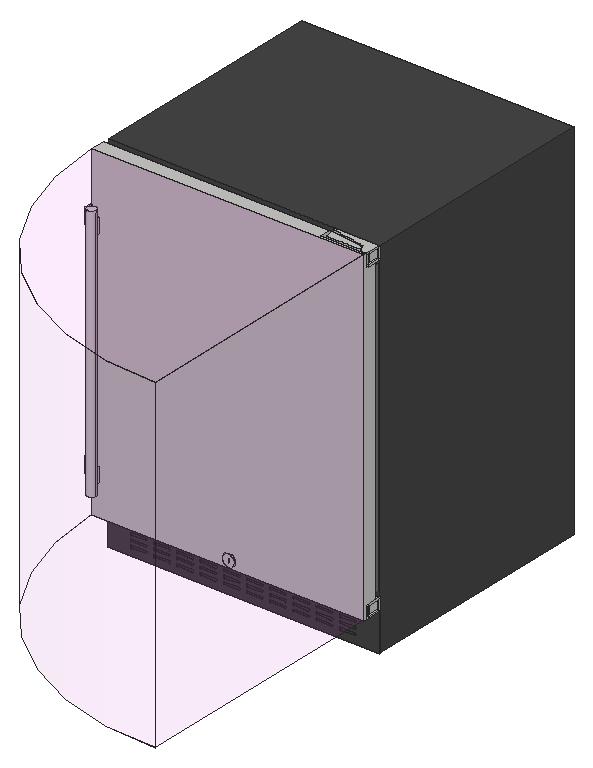
Revit family "QF_Summit_AL54_ADA_Compliant_All_Refrigerator", category Specialty Equipment, Revit 2020
Family settings
  Round Connector Dimension = Use Diameter
  Part Type = Normal
  Work Plane-Based = No
  Always vertical = Yes
  Cut with Voids When Loaded = No
  Shared = No
  Room Calculation Point = No
Parameters
  Weight in Pounds = 95
  Watts = if(Phase = 3, Volts * FL Amps * 1.73, Volts * FL Amps)  # 115 W
  Volts = 115 V
  Ventilation Remarks = ""
  URL Cutsheet = ""
  Specification by User = ""
  Specification by Manufacturer = ""
  Show LHD [instance] = no
  Show RHD [instance] = not(Show LHD)  # yes
  Serial Number = ""
  Seismic Rating = ""
  SMACNA No = ""
  Revision Code = ""
  Refrigerant Volume = 0.00 kip
  Refrigerant Type = "R600a"
  Phase = 1
  Number of Poles = 1
  NAFEM Spec ID Number = ""
  Model = "AL54"
  Min Ckt Ampacity = 0 A
  Max Overcurrent Protection = 0 A
  Masterspec = ""
  Manufacturer = "Summit"
  Length = 23 3/8"
  Item Number = ""
  Installed By = ""
  Identify Quantity as Lot = yes
  Height = 32"
  HP = ""
  Furnished By = ""
  Foodservice Equipment Identifier = yes
  FL Amps = 1 A
  Electrical Remarks = ""
  Electric Connection Type = ""
  Elec Conn RI Height = 0"
  Elec Conn Connection Height = 0"
  Description = "ADA Compliant All-Refrigerator"
  Depth = 22 5/8"
  Default Elevation = 0"
  Cycle = 60 Hz
  Conn Plug = ""
  Conn Conduit = yes
  CSI MasterFormat = ""
  Base Height [instance] = 1/2"
  BTUH = 0.0 Btu/h
  Apparent Power = if(Phase = 3, Volts * FL Amps * 1.73, Volts * FL Amps)  # 115 VA
Reference planes (in)
  plane 1 "BACK": y = 0
  plane 2: z = 0
  plane 3 "LEFT": x = 0
  plane 4 "RIGHT": x = 23.375
  plane 5 "FRONT": y = -22.625
  plane 6 "TOP": z = 32
  plane 7 "Center Y": x = 11.6875
  plane 8 "Center X": y = -11.3125
  plane 9 "Base Height": z = 0.5
  plane 10: y = -45
  plane 11: y = -20.875
  plane 12: z = 3.75
  plane 13: y = -24.625
Forms (in)
  Extrusion 1, solid, material "QF_Metal_Black"
    sketch origin (0, 0, 0.5) x (-1, 0, 0) y (0, -1, 0)
      loop
        line (0, 0) -> (0, 20.875) -> (-23.375, 20.875) -> (-23.375, 0) -> (0, 0)
    from 0 to 31.5
  Extrusion 2, solid, material "QF_Metal_Stainless_Polished", visible <- "Show RHD"
    sketch origin (23.375, -21.375, 0.5) x (-1, 0, 0) y (0, 0, -1)
      loop
        line (23.375, -31.5) -> (23.375, -3.25) -> (0, -3.25) -> (0, -31.5) -> (23.375, -31.5)
    from 0 to 1.25
  Extrusion 3, solid, material "QF_Metal_Black"
    sketch origin (23.375, -20.875, 0.5) x (-1, 0, 0) y (0, 0, -1)
      loop
        line (23.375, -3.25) -> (23.375, 0) -> (0, 0) -> (0, -3.25) -> (23.375, -3.25)
      loop
        arc (2.0625, -0.625) -> (1.9375, -0.75) -> (2.0625, -0.875) r 0.125
        line (2.0625, -0.875) -> (3.3125, -0.875)
        arc (3.3125, -0.875) -> (3.4375, -0.75) -> (3.3125, -0.625) r 0.125
        line (3.3125, -0.625) -> (2.0625, -0.625)
      loop
        arc (2.0625, -1.125) -> (1.9375, -1.25) -> (2.0625, -1.375) r 0.125
        line (2.0625, -1.375) -> (3.3125, -1.375)
        arc (3.3125, -1.375) -> (3.4375, -1.25) -> (3.3125, -1.125) r 0.125
        line (3.3125, -1.125) -> (2.0625, -1.125)
      loop
        arc (2.0625, -1.625) -> (1.9375, -1.75) -> (2.0625, -1.875) r 0.125
        line (2.0625, -1.875) -> (3.3125, -1.875)
        arc (3.3125, -1.875) -> (3.4375, -1.75) -> (3.3125, -1.625) r 0.125
        line (3.3125, -1.625) -> (2.0625, -1.625)
      loop
        arc (2.0625, -2.125) -> (1.9375, -2.25) -> (2.0625, -2.375) r 0.125
        line (2.0625, -2.375) -> (3.3125, -2.375)
        arc (3.3125, -2.375) -> (3.4375, -2.25) -> (3.3125, -2.125) r 0.125
        line (3.3125, -2.125) -> (2.0625, -2.125)
      loop
        arc (2.0625, -2.625) -> (1.9375, -2.75) -> (2.0625, -2.875) r 0.125
        line (2.0625, -2.875) -> (3.3125, -2.875)
        arc (3.3125, -2.875) -> (3.4375, -2.75) -> (3.3125, -2.625) r 0.125
        line (3.3125, -2.625) -> (2.0625, -2.625)
      loop
        arc (4.0625, -0.625) -> (3.9375, -0.75) -> (4.0625, -0.875) r 0.125
        line (4.0625, -0.875) -> (5.3125, -0.875)
        arc (5.3125, -0.875) -> (5.4375, -0.75) -> (5.3125, -0.625) r 0.125
        line (5.3125, -0.625) -> (4.0625, -0.625)
      loop
        arc (4.0625, -1.125) -> (3.9375, -1.25) -> (4.0625, -1.375) r 0.125
        line (4.0625, -1.375) -> (5.3125, -1.375)
        arc (5.3125, -1.375) -> (5.4375, -1.25) -> (5.3125, -1.125) r 0.125
        line (5.3125, -1.125) -> (4.0625, -1.125)
      loop
        arc (4.0625, -1.625) -> (3.9375, -1.75) -> (4.0625, -1.875) r 0.125
        line (4.0625, -1.875) -> (5.3125, -1.875)
        arc (5.3125, -1.875) -> (5.4375, -1.75) -> (5.3125, -1.625) r 0.125
        line (5.3125, -1.625) -> (4.0625, -1.625)
      loop
        arc (4.0625, -2.125) -> (3.9375, -2.25) -> (4.0625, -2.375) r 0.125
        line (4.0625, -2.375) -> (5.3125, -2.375)
        arc (5.3125, -2.375) -> (5.4375, -2.25) -> (5.3125, -2.125) r 0.125
        line (5.3125, -2.125) -> (4.0625, -2.125)
      loop
        arc (4.0625, -2.625) -> (3.9375, -2.75) -> (4.0625, -2.875) r 0.125
        line (4.0625, -2.875) -> (5.3125, -2.875)
        arc (5.3125, -2.875) -> (5.4375, -2.75) -> (5.3125, -2.625) r 0.125
        line (5.3125, -2.625) -> (4.0625, -2.625)
      loop
        arc (6.0625, -0.625) -> (5.9375, -0.75) -> (6.0625, -0.875) r 0.125
        line (6.0625, -0.875) -> (7.3125, -0.875)
        arc (7.3125, -0.875) -> (7.4375, -0.75) -> (7.3125, -0.625) r 0.125
        line (7.3125, -0.625) -> (6.0625, -0.625)
      loop
        arc (6.0625, -1.125) -> (5.9375, -1.25) -> (6.0625, -1.375) r 0.125
        line (6.0625, -1.375) -> (7.3125, -1.375)
        arc (7.3125, -1.375) -> (7.4375, -1.25) -> (7.3125, -1.125) r 0.125
        line (7.3125, -1.125) -> (6.0625, -1.125)
      loop
        arc (6.0625, -1.625) -> (5.9375, -1.75) -> (6.0625, -1.875) r 0.125
        line (6.0625, -1.875) -> (7.3125, -1.875)
        arc (7.3125, -1.875) -> (7.4375, -1.75) -> (7.3125, -1.625) r 0.125
        line (7.3125, -1.625) -> (6.0625, -1.625)
      loop
        arc (6.0625, -2.125) -> (5.9375, -2.25) -> (6.0625, -2.375) r 0.125
        line (6.0625, -2.375) -> (7.3125, -2.375)
        arc (7.3125, -2.375) -> (7.4375, -2.25) -> (7.3125, -2.125) r 0.125
        line (7.3125, -2.125) -> (6.0625, -2.125)
      loop
        arc (6.0625, -2.625) -> (5.9375, -2.75) -> (6.0625, -2.875) r 0.125
        line (6.0625, -2.875) -> (7.3125, -2.875)
        arc (7.3125, -2.875) -> (7.4375, -2.75) -> (7.3125, -2.625) r 0.125
        line (7.3125, -2.625) -> (6.0625, -2.625)
      loop
        arc (8.0625, -0.625) -> (7.9375, -0.75) -> (8.0625, -0.875) r 0.125
        line (8.0625, -0.875) -> (9.3125, -0.875)
        arc (9.3125, -0.875) -> (9.4375, -0.75) -> (9.3125, -0.625) r 0.125
        line (9.3125, -0.625) -> (8.0625, -0.625)
      loop
        arc (8.0625, -1.125) -> (7.9375, -1.25) -> (8.0625, -1.375) r 0.125
        line (8.0625, -1.375) -> (9.3125, -1.375)
        arc (9.3125, -1.375) -> (9.4375, -1.25) -> (9.3125, -1.125) r 0.125
        line (9.3125, -1.125) -> (8.0625, -1.125)
      loop
        arc (8.0625, -1.625) -> (7.9375, -1.75) -> (8.0625, -1.875) r 0.125
        line (8.0625, -1.875) -> (9.3125, -1.875)
        arc (9.3125, -1.875) -> (9.4375, -1.75) -> (9.3125, -1.625) r 0.125
        line (9.3125, -1.625) -> (8.0625, -1.625)
      loop
        arc (8.0625, -2.125) -> (7.9375, -2.25) -> (8.0625, -2.375) r 0.125
        line (8.0625, -2.375) -> (9.3125, -2.375)
        arc (9.3125, -2.375) -> (9.4375, -2.25) -> (9.3125, -2.125) r 0.125
        line (9.3125, -2.125) -> (8.0625, -2.125)
      loop
        arc (8.0625, -2.625) -> (7.9375, -2.75) -> (8.0625, -2.875) r 0.125
        line (8.0625, -2.875) -> (9.3125, -2.875)
        arc (9.3125, -2.875) -> (9.4375, -2.75) -> (9.3125, -2.625) r 0.125
        line (9.3125, -2.625) -> (8.0625, -2.625)
      loop
        arc (10.0625, -0.625) -> (9.9375, -0.75) -> (10.0625, -0.875) r 0.125
        line (10.0625, -0.875) -> (11.3125, -0.875)
        arc (11.3125, -0.875) -> (11.4375, -0.75) -> (11.3125, -0.625) r 0.125
        line (11.3125, -0.625) -> (10.0625, -0.625)
      loop
        arc (10.0625, -1.125) -> (9.9375, -1.25) -> (10.0625, -1.375) r 0.125
        line (10.0625, -1.375) -> (11.3125, -1.375)
        arc (11.3125, -1.375) -> (11.4375, -1.25) -> (11.3125, -1.125) r 0.125
        line (11.3125, -1.125) -> (10.0625, -1.125)
      loop
        arc (10.0625, -1.625) -> (9.9375, -1.75) -> (10.0625, -1.875) r 0.125
        line (10.0625, -1.875) -> (11.3125, -1.875)
        arc (11.3125, -1.875) -> (11.4375, -1.75) -> (11.3125, -1.625) r 0.125
        line (11.3125, -1.625) -> (10.0625, -1.625)
      loop
        arc (10.0625, -2.125) -> (9.9375, -2.25) -> (10.0625, -2.375) r 0.125
        line (10.0625, -2.375) -> (11.3125, -2.375)
        arc (11.3125, -2.375) -> (11.4375, -2.25) -> (11.3125, -2.125) r 0.125
        line (11.3125, -2.125) -> (10.0625, -2.125)
      loop
        arc (10.0625, -2.625) -> (9.9375, -2.75) -> (10.0625, -2.875) r 0.125
        line (10.0625, -2.875) -> (11.3125, -2.875)
        arc (11.3125, -2.875) -> (11.4375, -2.75) -> (11.3125, -2.625) r 0.125
        line (11.3125, -2.625) -> (10.0625, -2.625)
      loop
        arc (12.0625, -0.625) -> (11.9375, -0.75) -> (12.0625, -0.875) r 0.125
        line (12.0625, -0.875) -> (13.3125, -0.875)
        arc (13.3125, -0.875) -> (13.4375, -0.75) -> (13.3125, -0.625) r 0.125
        line (13.3125, -0.625) -> (12.0625, -0.625)
      loop
        arc (12.0625, -1.125) -> (11.9375, -1.25) -> (12.0625, -1.375) r 0.125
        line (12.0625, -1.375) -> (13.3125, -1.375)
        arc (13.3125, -1.375) -> (13.4375, -1.25) -> (13.3125, -1.125) r 0.125
        line (13.3125, -1.125) -> (12.0625, -1.125)
      loop
        arc (12.0625, -1.625) -> (11.9375, -1.75) -> (12.0625, -1.875) r 0.125
        line (12.0625, -1.875) -> (13.3125, -1.875)
        arc (13.3125, -1.875) -> (13.4375, -1.75) -> (13.3125, -1.625) r 0.125
        line (13.3125, -1.625) -> (12.0625, -1.625)
      loop
        arc (12.0625, -2.125) -> (11.9375, -2.25) -> (12.0625, -2.375) r 0.125
        line (12.0625, -2.375) -> (13.3125, -2.375)
        arc (13.3125, -2.375) -> (13.4375, -2.25) -> (13.3125, -2.125) r 0.125
        line (13.3125, -2.125) -> (12.0625, -2.125)
      loop
        arc (12.0625, -2.625) -> (11.9375, -2.75) -> (12.0625, -2.875) r 0.125
        line (12.0625, -2.875) -> (13.3125, -2.875)
        arc (13.3125, -2.875) -> (13.4375, -2.75) -> (13.3125, -2.625) r 0.125
        line (13.3125, -2.625) -> (12.0625, -2.625)
      loop
        arc (14.0625, -0.625) -> (13.9375, -0.75) -> (14.0625, -0.875) r 0.125
        line (14.0625, -0.875) -> (15.3125, -0.875)
        arc (15.3125, -0.875) -> (15.4375, -0.75) -> (15.3125, -0.625) r 0.125
        line (15.3125, -0.625) -> (14.0625, -0.625)
      loop
        arc (14.0625, -1.125) -> (13.9375, -1.25) -> (14.0625, -1.375) r 0.125
        line (14.0625, -1.375) -> (15.3125, -1.375)
        arc (15.3125, -1.375) -> (15.4375, -1.25) -> (15.3125, -1.125) r 0.125
        line (15.3125, -1.125) -> (14.0625, -1.125)
      loop
        arc (14.0625, -1.625) -> (13.9375, -1.75) -> (14.0625, -1.875) r 0.125
        line (14.0625, -1.875) -> (15.3125, -1.875)
        arc (15.3125, -1.875) -> (15.4375, -1.75) -> (15.3125, -1.625) r 0.125
        line (15.3125, -1.625) -> (14.0625, -1.625)
      loop
        arc (14.0625, -2.125) -> (13.9375, -2.25) -> (14.0625, -2.375) r 0.125
        line (14.0625, -2.375) -> (15.3125, -2.375)
        arc (15.3125, -2.375) -> (15.4375, -2.25) -> (15.3125, -2.125) r 0.125
        line (15.3125, -2.125) -> (14.0625, -2.125)
      loop
        arc (14.0625, -2.625) -> (13.9375, -2.75) -> (14.0625, -2.875) r 0.125
        line (14.0625, -2.875) -> (15.3125, -2.875)
        arc (15.3125, -2.875) -> (15.4375, -2.75) -> (15.3125, -2.625) r 0.125
        line (15.3125, -2.625) -> (14.0625, -2.625)
      loop
        arc (16.0625, -0.625) -> (15.9375, -0.75) -> (16.0625, -0.875) r 0.125
        line (16.0625, -0.875) -> (17.3125, -0.875)
        arc (17.3125, -0.875) -> (17.4375, -0.75) -> (17.3125, -0.625) r 0.125
        line (17.3125, -0.625) -> (16.0625, -0.625)
      loop
        arc (16.0625, -1.125) -> (15.9375, -1.25) -> (16.0625, -1.375) r 0.125
        line (16.0625, -1.375) -> (17.3125, -1.375)
        arc (17.3125, -1.375) -> (17.4375, -1.25) -> (17.3125, -1.125) r 0.125
        line (17.3125, -1.125) -> (16.0625, -1.125)
      loop
        arc (16.0625, -1.625) -> (15.9375, -1.75) -> (16.0625, -1.875) r 0.125
        line (16.0625, -1.875) -> (17.3125, -1.875)
        arc (17.3125, -1.875) -> (17.4375, -1.75) -> (17.3125, -1.625) r 0.125
        line (17.3125, -1.625) -> (16.0625, -1.625)
      loop
        arc (16.0625, -2.125) -> (15.9375, -2.25) -> (16.0625, -2.375) r 0.125
        line (16.0625, -2.375) -> (17.3125, -2.375)
        arc (17.3125, -2.375) -> (17.4375, -2.25) -> (17.3125, -2.125) r 0.125
        line (17.3125, -2.125) -> (16.0625, -2.125)
      loop
        arc (16.0625, -2.625) -> (15.9375, -2.75) -> (16.0625, -2.875) r 0.125
        line (16.0625, -2.875) -> (17.3125, -2.875)
        arc (17.3125, -2.875) -> (17.4375, -2.75) -> (17.3125, -2.625) r 0.125
        line (17.3125, -2.625) -> (16.0625, -2.625)
      loop
        arc (18.0625, -0.625) -> (17.9375, -0.75) -> (18.0625, -0.875) r 0.125
        line (18.0625, -0.875) -> (19.3125, -0.875)
        arc (19.3125, -0.875) -> (19.4375, -0.75) -> (19.3125, -0.625) r 0.125
        line (19.3125, -0.625) -> (18.0625, -0.625)
      loop
        arc (18.0625, -1.125) -> (17.9375, -1.25) -> (18.0625, -1.375) r 0.125
        line (18.0625, -1.375) -> (19.3125, -1.375)
        arc (19.3125, -1.375) -> (19.4375, -1.25) -> (19.3125, -1.125) r 0.125
        line (19.3125, -1.125) -> (18.0625, -1.125)
      loop
        arc (18.0625, -1.625) -> (17.9375, -1.75) -> (18.0625, -1.875) r 0.125
        line (18.0625, -1.875) -> (19.3125, -1.875)
        arc (19.3125, -1.875) -> (19.4375, -1.75) -> (19.3125, -1.625) r 0.125
        line (19.3125, -1.625) -> (18.0625, -1.625)
      loop
        arc (18.0625, -2.125) -> (17.9375, -2.25) -> (18.0625, -2.375) r 0.125
        line (18.0625, -2.375) -> (19.3125, -2.375)
        arc (19.3125, -2.375) -> (19.4375, -2.25) -> (19.3125, -2.125) r 0.125
        line (19.3125, -2.125) -> (18.0625, -2.125)
      loop
        arc (18.0625, -2.625) -> (17.9375, -2.75) -> (18.0625, -2.875) r 0.125
        line (18.0625, -2.875) -> (19.3125, -2.875)
        arc (19.3125, -2.875) -> (19.4375, -2.75) -> (19.3125, -2.625) r 0.125
        line (19.3125, -2.625) -> (18.0625, -2.625)
      loop
        arc (20.0625, -0.625) -> (19.9375, -0.75) -> (20.0625, -0.875) r 0.125
        line (20.0625, -0.875) -> (21.3125, -0.875)
        arc (21.3125, -0.875) -> (21.4375, -0.75) -> (21.3125, -0.625) r 0.125
        line (21.3125, -0.625) -> (20.0625, -0.625)
      loop
        arc (20.0625, -1.125) -> (19.9375, -1.25) -> (20.0625, -1.375) r 0.125
        line (20.0625, -1.375) -> (21.3125, -1.375)
        arc (21.3125, -1.375) -> (21.4375, -1.25) -> (21.3125, -1.125) r 0.125
        line (21.3125, -1.125) -> (20.0625, -1.125)
      loop
        arc (20.0625, -1.625) -> (19.9375, -1.75) -> (20.0625, -1.875) r 0.125
        line (20.0625, -1.875) -> (21.3125, -1.875)
        arc (21.3125, -1.875) -> (21.4375, -1.75) -> (21.3125, -1.625) r 0.125
        line (21.3125, -1.625) -> (20.0625, -1.625)
      loop
        arc (20.0625, -2.125) -> (19.9375, -2.25) -> (20.0625, -2.375) r 0.125
        line (20.0625, -2.375) -> (21.3125, -2.375)
        arc (21.3125, -2.375) -> (21.4375, -2.25) -> (21.3125, -2.125) r 0.125
        line (21.3125, -2.125) -> (20.0625, -2.125)
      loop
        arc (20.0625, -2.625) -> (19.9375, -2.75) -> (20.0625, -2.875) r 0.125
        line (20.0625, -2.875) -> (21.3125, -2.875)
        arc (21.3125, -2.875) -> (21.4375, -2.75) -> (21.3125, -2.625) r 0.125
        line (21.3125, -2.625) -> (20.0625, -2.625)
    from -0.0625 to 0.03516
  Extrusion 4, solid, material "QF_Rubber - Black - Smooth"
    sketch origin (23.375, -20.875, 0.5) x (-1, 0, 0) y (0, 0, -1)
      loop
        line (23.25, -30) -> (23.25, -4.75) -> (0.125, -4.75) -> (0.125, -30) -> (23.25, -30)
    from 0 to 0.5
  Extrusion 5, solid, material "QF_Metal - Stainless - Polished", visible <- "Show RHD"
    sketch origin (0, 0, 32) x (-1, 0, 0) y (0, -1, 0)
      loop
        line (-19.5, 20.875) -> (-19.5, 20.97247)
        arc (-19.5, 20.97247) -> (-19.53723, 21.0734) -> (-19.63109, 21.12597) r 0.1554
        line (-19.63109, 21.12597) -> (-22.1852, 21.5305)
        arc (-22.1852, 21.5305) -> (-22.55868, 21.69874) -> (-22.7951, 22.03326) r 0.77867
        line (-22.7951, 22.03326) -> (-22.8529, 22.19206)
        arc (-22.8529, 22.19206) -> (-23.15257, 22.36508) -> (-23.375, 22.1) r 0.26917
        line (-23.375, 22.1) -> (-23.375, 20.875) -> (-19.5, 20.875)
    from 0 to -0.125
  Extrusion 6, solid, material "QF_Rubber - Black - Smooth"
    sketch origin (0, 0, 0.5) x (1, 0, 0) y (0, 0, -1)
      loop
        circle (20.5, -1.80244) r 0.25
    from 0 to 0.0625
  Extrusion 7, solid, material "QF_Metal - Stainless - Polished", visible <- "Show RHD"
    sketch origin (0, -5, 0.5) x (-1, 0, 0) y (0, -1, 0)
      loop
        circle (-1.25, 19.25) r 0.375
    from 6 to 28
  Revolve 8, solid, material "QF_Metal_Black"
    sketch origin (0.26439, -1.4375, 0) x (1, 0, 0) y (0, 0, 1)
      loop
        line (21.67311, 0.5) -> (21.48561, 0.5) -> (21.48561, 0.375) -> (21.08978, 0.375) -> (21.08978, 0.3125) -> (21.17311, 0) -> (21.67311, 0) -> (21.67311, 0.5)
      axis (21.67311, 0) -> (21.67311, 0.5)
    angle from 0 to 360
  Revolve 9, solid, material "QF_Metal_Black"
    sketch origin (0, -19.1875, 0) x (1, 0, 0) y (0, 0, 1)
      loop
        line (21.9375, 0.5) -> (21.75, 0.5) -> (21.75, 0.375) -> (21.35417, 0.375) -> (21.35417, 0.3125) -> (21.4375, 0) -> (21.9375, 0) -> (21.9375, 0.5)
      axis (21.9375, 0) -> (21.9375, 0.5)
    angle from 0 to 360
  Revolve 10, solid, material "QF_Metal_Black"
    sketch origin (-20.23561, -1.4375, 0) x (1, 0, 0) y (0, 0, 1)
      loop
        line (21.67311, 0.5) -> (21.48561, 0.5) -> (21.48561, 0.375) -> (21.08978, 0.375) -> (21.08978, 0.3125) -> (21.17311, 0) -> (21.67311, 0) -> (21.67311, 0.5)
      axis (21.67311, 0) -> (21.67311, 0.5)
    angle from 0 to 360
  Revolve 11, solid, material "QF_Metal_Black"
    sketch origin (-20.5, -19.1875, 0) x (1, 0, 0) y (0, 0, 1)
      loop
        line (21.9375, 0.5) -> (21.75, 0.5) -> (21.75, 0.375) -> (21.35417, 0.375) -> (21.35417, 0.3125) -> (21.4375, 0) -> (21.9375, 0) -> (21.9375, 0.5)
      axis (21.9375, 0) -> (21.9375, 0.5)
    angle from 0 to 360
  Extrusion 12, void
    sketch origin (0, -21.375, 32) x (1, 0, 0) y (0, 1, 0)
      loop
        line (19.5001, 0.13878) -> (19.5001, -1) -> (23.49441, -1) -> (23.49441, 0.13878) -> (19.5001, 0.13878)
    from -1.10777 to 1
  Extrusion 13, solid, material "QF_Metal - Stainless - Polished", visible <- "Show RHD"
    sketch origin (0, -0.125, 0.5) x (-1, 0, 0) y (0, -1, 0)
      loop
        arc (-0.96185, 23.88501) -> (-1.22254, 23.75101) -> (-1.5, 23.84549) r 0.375
        line (-1.5, 23.84549) -> (-1.5, 23.69199)
        arc (-1.5, 23.69199) -> (-1.37941, 23.64204) -> (-1.25, 23.625) r 0.5
        arc (-1.25, 23.625) -> (-1.12181, 23.64171) -> (-1.00219, 23.69073) r 0.5
        arc (-1.00219, 23.69073) -> (-0.94801, 23.70377) -> (-0.89527, 23.68579) r 0.1
        line (-0.89527, 23.68579) -> (-0.04264, 23.08878)
        arc (-0.04264, 23.08878) -> (-0.0113, 23.05304) -> (0, 23.00686) r 0.1
        line (0, 23.00686) -> (0, 22.00686) -> (0.125, 22.00686) -> (0.125, 23.07193)
        arc (0.125, 23.07193) -> (0.1137, 23.11811) -> (0.08236, 23.15385) r 0.1
        line (0.08236, 23.15385) -> (-0.96185, 23.88501)
    from 26 to 27.25
  Extrusion 14, solid, material "QF_Metal - Stainless - Polished", visible <- "Show RHD"
    sketch origin (0, -0.125, 0.5) x (-1, 0, 0) y (0, -1, 0)
      loop
        line (-0.89527, 23.68579) -> (-0.04264, 23.08878)
        arc (-0.04264, 23.08878) -> (-0.0113, 23.05304) -> (0, 23.00686) r 0.1
        line (0, 23.00686) -> (0, 22.00686) -> (0.125, 22.00686) -> (0.125, 23.07193)
        arc (0.125, 23.07193) -> (0.1137, 23.11811) -> (0.08236, 23.15385) r 0.1
        line (0.08236, 23.15385) -> (-0.96185, 23.88501)
        arc (-0.96185, 23.88501) -> (-1.22254, 23.75101) -> (-1.5, 23.84549) r 0.375
        line (-1.5, 23.84549) -> (-1.5, 23.69199)
        arc (-1.5, 23.69199) -> (-1.37941, 23.64204) -> (-1.25, 23.625) r 0.5
        arc (-1.25, 23.625) -> (-1.12181, 23.64171) -> (-1.00219, 23.69073) r 0.5
        arc (-1.00219, 23.69073) -> (-0.94801, 23.70377) -> (-0.89527, 23.68579) r 0.1
    from 6.75 to 8
  Extrusion 15, void
    sketch origin (23.375, -21.375, 3.75) x (0, 1, 0) y (1, 0, 0)
      loop
        line (-1, -3.8749) -> (0.3125, -3.8749) -> (0.3125, 0.3125) -> (-1, 0.3125) -> (-1, -3.8749)
    from -1.10777 to 0.18851
  Extrusion 16, solid, material "QF_Metal - Stainless - Polished", visible <- "Show RHD"
    sketch origin (0, 0, 30.89223) x (0, 1, 0) y (1, 0, 0)
      loop
        line (-20.875, 19.5) -> (-20.875, 23.375) -> (-22.1, 23.375)
        arc (-22.1, 23.375) -> (-22.36508, 23.15257) -> (-22.19206, 22.8529) r 0.26917
        line (-22.19206, 22.8529) -> (-22.03326, 22.7951)
        arc (-22.03326, 22.7951) -> (-21.69874, 22.55868) -> (-21.5305, 22.1852) r 0.77867
        line (-21.5305, 22.1852) -> (-21.12597, 19.63109)
        arc (-21.12597, 19.63109) -> (-21.0734, 19.53723) -> (-20.97247, 19.5) r 0.1554
        line (-20.97247, 19.5) -> (-20.875, 19.5)
    from 0 to -0.125
  Extrusion 17, solid, material "QF_Metal - Stainless - Polished", visible <- "Show RHD"
    sketch origin (0, 0, 31.875) x (0, -1, 0) y (-1, 0, 0)
      loop
        circle (22.08002, -23.10965) r 0.18618
    from 0 to 0.85777
  Extrusion 18, solid, material "QF_Metal - Stainless - Polished", visible <- "Show RHD"
    sketch origin (19.5, -20.875, 32) x (1, 0, 0) y (0, 0, -1)
      loop
        line (3.875, 0.98277) -> (0, 0.98277) -> (0, 0.125) -> (3.875, 0.125) -> (3.875, 0.98277)
    from 0 to -0.125
  Extrusion 19, solid, material "QF_Metal - Stainless - Polished", visible <- "Show RHD"
    sketch origin (0, 0, 31.875) x (0, -1, 0) y (-1, 0, 0)
      loop
        line (21, -23.25) -> (21.8207, -23.25) -> (21.8207, -19.5) -> (21, -19.5) -> (21, -23.25)
    from 0.05078 to 0.80891
  Extrusion 20, solid, material "QF_Metal - Stainless - Polished", visible <- "Show RHD"
    sketch origin (0, 0, 3.875) x (1, 0, 0) y (0, 1, 0)
      loop
        circle (23.10965, -22.08002) r 0.18618
    from 0 to 0.85777
  Extrusion 21, solid, material "QF_Metal - Stainless - Polished", visible <- "Show RHD"
    sketch origin (0, 0, 3.875) x (1, 0, 0) y (0, 1, 0)
      loop
        line (23.25, -21) -> (19.5, -21) -> (19.5, -21.8207) -> (23.25, -21.8207) -> (23.25, -21)
    from 0.05078 to 0.80891
  Extrusion 22, solid, material "QF_Metal - Stainless - Polished", visible <- "Show RHD"
    sketch origin (0, 0, 3.75) x (0, 1, 0) y (1, 0, 0)
      loop
        line (-20.875, 19.5) -> (-20.875, 23.375) -> (-22.1, 23.375)
        arc (-22.1, 23.375) -> (-22.36508, 23.15257) -> (-22.19206, 22.8529) r 0.26917
        line (-22.19206, 22.8529) -> (-22.03326, 22.7951)
        arc (-22.03326, 22.7951) -> (-21.69874, 22.55868) -> (-21.5305, 22.1852) r 0.77867
        line (-21.5305, 22.1852) -> (-21.12597, 19.63109)
        arc (-21.12597, 19.63109) -> (-21.0734, 19.53723) -> (-20.97247, 19.5) r 0.1554
        line (-20.97247, 19.5) -> (-20.875, 19.5)
    from 0 to -0.125
  Extrusion 23, solid, material "QF_Metal - Stainless - Polished", visible <- "Show RHD"
    sketch origin (0, 0, 4.85777) x (-1, 0, 0) y (0, -1, 0)
      loop
        line (-19.5, 20.875) -> (-19.5, 20.97247)
        arc (-19.5, 20.97247) -> (-19.53723, 21.0734) -> (-19.63109, 21.12597) r 0.1554
        line (-19.63109, 21.12597) -> (-22.1852, 21.5305)
        arc (-22.1852, 21.5305) -> (-22.55868, 21.69874) -> (-22.7951, 22.03326) r 0.77867
        line (-22.7951, 22.03326) -> (-22.8529, 22.19206)
        arc (-22.8529, 22.19206) -> (-23.15257, 22.36508) -> (-23.375, 22.1) r 0.26917
        line (-23.375, 22.1) -> (-23.375, 20.875) -> (-19.5, 20.875)
    from 0 to -0.125
  Extrusion 24, solid, material "QF_Metal - Stainless - Polished", visible <- "Show RHD"
    sketch origin (19.5, -20.875, 3.75) x (1, 0, 0) y (0, 0, -1)
      loop
        line (3.875, -0.98277) -> (3.875, -0.125) -> (0, -0.125) -> (0, -0.98277) -> (3.875, -0.98277)
    from 0 to -0.125
  Extrusion 25, solid, material "QF_Clearances_Door_Drawer", visible <- "Show RHD"
    sketch origin (0, 0, 0.5) x (-1, 0, 0) y (0, -1, 0)
      loop
        line (-23.375, 44.98834) -> (-23.375, 22.625) -> (0, 22.625)
        arc (0, 22.625) -> (-6.91037, 38.7999) -> (-23.375, 44.98834) r 22.38523
    from 3.25 to 31.5
  Extrusion 26, void
    sketch origin (23.375, -22.625, 0.5) x (-1, 0, 0) y (0, 0, -1)
      loop
        circle (11.5625, -3.88646) r 0.5625
    from -0.0625 to 0.125
  Extrusion 27, solid, material "QF_Metal - Stainless - Polished"
    sketch origin (23.375, -22.5625, 0.5) x (-1, 0, 0) y (0, 0, -1)
      loop
        circle (11.5625, -3.88646) r 0.5
      loop
        line (11.5822, -4.07292) -> (11.5822, -3.7) -> (11.5428, -3.7) -> (11.5428, -4.07292) -> (11.5822, -4.07292)
    from 0 to 0.125
  Extrusion 28, solid, material "QF_Metal - Stainless - Polished", visible <- "Show LHD"
    sketch origin (23.375, 0, 32) x (1, 0, 0) y (0, 1, 0)
      loop
        line (-19.5, -20.875) -> (-23.375, -20.875) -> (-23.375, -22.1)
        arc (-23.375, -22.1) -> (-23.15257, -22.36508) -> (-22.8529, -22.19206) r 0.26917
        line (-22.8529, -22.19206) -> (-22.7951, -22.03326)
        arc (-22.7951, -22.03326) -> (-22.55868, -21.69874) -> (-22.1852, -21.5305) r 0.77867
        line (-22.1852, -21.5305) -> (-19.63109, -21.12597)
        arc (-19.63109, -21.12597) -> (-19.53723, -21.0734) -> (-19.5, -20.97247) r 0.1554
        line (-19.5, -20.97247) -> (-19.5, -20.875)
    from 0 to -0.125
  Extrusion 29, solid, material "QF_Metal - Stainless - Polished", visible <- "Show LHD"
    sketch origin (23.375, -5, 0.5) x (1, 0, 0) y (0, 1, 0)
      loop
        circle (-1.25, -19.25) r 0.375
    from 6 to 28
  Extrusion 30, solid, material "QF_Metal - Stainless - Polished", visible <- "Show LHD"
    sketch origin (23.375, -0.125, 0.5) x (1, 0, 0) y (0, 1, 0)
      loop
        line (-0.96185, -23.88501) -> (0.08236, -23.15385)
        arc (0.08236, -23.15385) -> (0.1137, -23.11811) -> (0.125, -23.07193) r 0.1
        line (0.125, -23.07193) -> (0.125, -22.00686) -> (0, -22.00686) -> (0, -23.00686)
        arc (0, -23.00686) -> (-0.0113, -23.05304) -> (-0.04264, -23.08878) r 0.1
        line (-0.04264, -23.08878) -> (-0.89527, -23.68579)
        arc (-0.89527, -23.68579) -> (-0.94801, -23.70377) -> (-1.00219, -23.69073) r 0.1
        arc (-1.00219, -23.69073) -> (-1.12181, -23.64171) -> (-1.25, -23.625) r 0.5
        arc (-1.25, -23.625) -> (-1.37941, -23.64204) -> (-1.5, -23.69199) r 0.5
        line (-1.5, -23.69199) -> (-1.5, -23.84549)
        arc (-1.5, -23.84549) -> (-1.22254, -23.75101) -> (-0.96185, -23.88501) r 0.375
    from 26 to 27.25
  Extrusion 31, solid, material "QF_Metal - Stainless - Polished", visible <- "Show LHD"
    sketch origin (23.375, -0.125, 0.5) x (1, 0, 0) y (0, 1, 0)
      loop
        arc (-0.89527, -23.68579) -> (-0.94801, -23.70377) -> (-1.00219, -23.69073) r 0.1
        arc (-1.00219, -23.69073) -> (-1.12181, -23.64171) -> (-1.25, -23.625) r 0.5
        arc (-1.25, -23.625) -> (-1.37941, -23.64204) -> (-1.5, -23.69199) r 0.5
        line (-1.5, -23.69199) -> (-1.5, -23.84549)
        arc (-1.5, -23.84549) -> (-1.22254, -23.75101) -> (-0.96185, -23.88501) r 0.375
        line (-0.96185, -23.88501) -> (0.08236, -23.15385)
        arc (0.08236, -23.15385) -> (0.1137, -23.11811) -> (0.125, -23.07193) r 0.1
        line (0.125, -23.07193) -> (0.125, -22.00686) -> (0, -22.00686) -> (0, -23.00686)
        arc (0, -23.00686) -> (-0.0113, -23.05304) -> (-0.04264, -23.08878) r 0.1
        line (-0.04264, -23.08878) -> (-0.89527, -23.68579)
    from 6.75 to 8
  Extrusion 32, solid, material "QF_Metal - Stainless - Polished", visible <- "Show LHD"
    sketch origin (23.375, 0, 30.89223) x (0, -1, 0) y (-1, 0, 0)
      loop
        line (20.875, 19.5) -> (20.97247, 19.5)
        arc (20.97247, 19.5) -> (21.0734, 19.53723) -> (21.12597, 19.63109) r 0.1554
        line (21.12597, 19.63109) -> (21.5305, 22.1852)
        arc (21.5305, 22.1852) -> (21.69874, 22.55868) -> (22.03326, 22.7951) r 0.77867
        line (22.03326, 22.7951) -> (22.19206, 22.8529)
        arc (22.19206, 22.8529) -> (22.36508, 23.15257) -> (22.1, 23.375) r 0.26917
        line (22.1, 23.375) -> (20.875, 23.375) -> (20.875, 19.5)
    from 0 to -0.125
  Extrusion 33, solid, material "QF_Metal - Stainless - Polished", visible <- "Show LHD"
    sketch origin (23.375, 0, 31.875) x (0, 1, 0) y (1, 0, 0)
      loop
        circle (-22.08002, -23.10965) r 0.18618
    from 0 to 0.85777
  Extrusion 34, solid, material "QF_Metal - Stainless - Polished", visible <- "Show LHD"
    sketch origin (3.875, -20.875, 32) x (-1, 0, 0) y (0, 0, 1)
      loop
        line (3.875, -0.98277) -> (3.875, -0.125) -> (0, -0.125) -> (0, -0.98277) -> (3.875, -0.98277)
    from 0 to -0.125
  Extrusion 35, solid, material "QF_Metal - Stainless - Polished", visible <- "Show LHD"
    sketch origin (23.375, 0, 31.875) x (0, 1, 0) y (1, 0, 0)
      loop
        line (-21, -23.25) -> (-21, -19.5) -> (-21.8207, -19.5) -> (-21.8207, -23.25) -> (-21, -23.25)
    from 0.05078 to 0.80891
  Extrusion 36, solid, material "QF_Metal - Stainless - Polished", visible <- "Show LHD"
    sketch origin (23.375, 0, 3.875) x (-1, 0, 0) y (0, -1, 0)
      loop
        circle (23.10965, 22.08002) r 0.18618
    from 0 to 0.85777
  Extrusion 37, solid, material "QF_Metal - Stainless - Polished", visible <- "Show LHD"
    sketch origin (23.375, 0, 3.875) x (-1, 0, 0) y (0, -1, 0)
      loop
        line (23.25, 21) -> (23.25, 21.8207) -> (19.5, 21.8207) -> (19.5, 21) -> (23.25, 21)
    from 0.05078 to 0.80891
  Extrusion 38, solid, material "QF_Metal - Stainless - Polished", visible <- "Show LHD"
    sketch origin (23.375, 0, 3.75) x (0, -1, 0) y (-1, 0, 0)
      loop
        line (20.875, 19.5) -> (20.97247, 19.5)
        arc (20.97247, 19.5) -> (21.0734, 19.53723) -> (21.12597, 19.63109) r 0.1554
        line (21.12597, 19.63109) -> (21.5305, 22.1852)
        arc (21.5305, 22.1852) -> (21.69874, 22.55868) -> (22.03326, 22.7951) r 0.77867
        line (22.03326, 22.7951) -> (22.19206, 22.8529)
        arc (22.19206, 22.8529) -> (22.36508, 23.15257) -> (22.1, 23.375) r 0.26917
        line (22.1, 23.375) -> (20.875, 23.375) -> (20.875, 19.5)
    from 0 to -0.125
  Extrusion 39, solid, material "QF_Metal - Stainless - Polished", visible <- "Show LHD"
    sketch origin (23.375, 0, 4.85777) x (1, 0, 0) y (0, 1, 0)
      loop
        line (-19.5, -20.875) -> (-23.375, -20.875) -> (-23.375, -22.1)
        arc (-23.375, -22.1) -> (-23.15257, -22.36508) -> (-22.8529, -22.19206) r 0.26917
        line (-22.8529, -22.19206) -> (-22.7951, -22.03326)
        arc (-22.7951, -22.03326) -> (-22.55868, -21.69874) -> (-22.1852, -21.5305) r 0.77867
        line (-22.1852, -21.5305) -> (-19.63109, -21.12597)
        arc (-19.63109, -21.12597) -> (-19.53723, -21.0734) -> (-19.5, -20.97247) r 0.1554
        line (-19.5, -20.97247) -> (-19.5, -20.875)
    from 0 to -0.125
  Extrusion 40, solid, material "QF_Metal - Stainless - Polished", visible <- "Show LHD"
    sketch origin (3.875, -20.875, 3.75) x (-1, 0, 0) y (0, 0, 1)
      loop
        line (3.875, 0.98277) -> (0, 0.98277) -> (0, 0.125) -> (3.875, 0.125) -> (3.875, 0.98277)
    from 0 to -0.125
  Extrusion 41, solid, material "QF_Clearances_Door_Drawer", visible <- "Show LHD"
    sketch origin (23.375, 0, 0.5) x (1, 0, 0) y (0, 1, 0)
      loop
        arc (-23.375, -44.98834) -> (-6.91037, -38.7999) -> (0, -22.625) r 22.38523
        line (0, -22.625) -> (-23.375, -22.625) -> (-23.375, -44.98834)
    from 3.25 to 31.5
  Extrusion 42, solid, material "QF_Metal_Stainless_Polished", visible <- "Show LHD"
    sketch origin (23.375, -22.625, 0.5) x (-1, 0, 0) y (0, 0, -1)
      loop
        line (19.5001, -4.35777) -> (23.375, -4.35777) -> (23.375, -3.25) -> (19.5001, -3.25) -> (19.5001, -4.35777)
      loop
        line (19.5, -30.39223) -> (19.5, -31.5) -> (23.375, -31.5) -> (23.375, -30.39223) -> (19.5, -30.39223)
    from 0 to -0.25
  Extrusion 43, solid, material "QF_Metal_Stainless_Polished", visible <- "Show LHD"
    sketch origin (0, -21.375, 0.5) x (1, 0, 0) y (0, 0, 1)
      loop
        line (3.8749, 31.5) -> (3.8749, 30.39223) -> (0, 30.39223) -> (0, 4.35777) -> (3.8749, 4.35777) -> (3.8749, 3.25) -> (23.375, 3.25) -> (23.375, 31.5) -> (3.8749, 31.5)
    from 0 to 1.25
Cuts and joins
  Extrusion 12, Extrusion 15, Extrusion 26 cuts Extrusion 2
  joined: Extrusion 42, Extrusion 43
Lines and regions (in)
  symbolic lines
    curve 1: line (0, 0, 0.5) -> (23.375, 0, 0.5)
    curve 2: line (0, -20.875, 0.5) -> (0, 0, 0.5)
    curve 3: line (23.375, -20.875, 0.5) -> (0, -20.875, 0.5)
    curve 4: line (23.375, 0, 0.5) -> (23.375, -20.875, 0.5)
    curve 6: line (0, -21.375, 0.5) -> (0, -22.625, 0.5)
    curve 7: line (19.50008, -21.375, 0.5) -> (3.87492, -21.375, 0.5)
    curve 8: line (0, -22.625, 0.5) -> (23.375, -22.625, 0.5)
    curve 57: line (23.375, -21.375, 0.5) -> (23.375, -22.625, 0.5)
  symbolic lines, visible <- "Show RHD"
    curve 5: line (0.125, -21.375, 0.5) -> (0.125, -20.875, 0.5)
    curve 9: arc (1.625, -24.25, 0.5) -> (1.25, -23.875, 0.5) -> (0.875, -24.25, 0.5) r 0.375
    curve 10: arc (0.875, -24.25, 0.5) -> (1.25, -24.625, 0.5) -> (1.625, -24.25, 0.5) r 0.375
    curve 11: line (19.50008, -22.375, 0.5) -> (23.375, -22.375, 0.5)
    curve 12: line (19.50008, -20.875, 0.5) -> (19.50008, -22.375, 0.5)
    curve 13: arc (19.50008, -20.97249, 0.5) -> (19.53729, -21.07339, 0.5) -> (19.63112, -21.12594, 0.5) r 0.15537
    curve 14: line (19.63112, -21.12594, 0.5) -> (22.1852, -21.5305, 0.5)
    curve 15: arc (22.1852, -21.5305, 0.5) -> (22.55868, -21.69874, 0.5) -> (22.7951, -22.03326, 0.5) r 0.77867
    curve 16: line (22.7951, -22.03326, 0.5) -> (22.8529, -22.19206, 0.5)
    curve 17: arc (22.8529, -22.19206, 0.5) -> (23.15257, -22.36508, 0.5) -> (23.375, -22.1, 0.5) r 0.26917
    curve 18: line (19.50008, -21.8207, 0.5) -> (22.67739, -21.8207, 0.5)
    curve 21: arc (-0.125, -23.19693, 0.5) -> (-0.1137, -23.24311, 0.5) -> (-0.08236, -23.27885, 0.5) r 0.1
    curve 22: line (-0.08236, -23.27885, 0.5) -> (0.96185, -24.01001, 0.5)
    curve 23: line (1.5, -23.97049, 0.5) -> (1.5, -23.81699, 0.5)
    curve 24: arc (1.5, -23.81699, 0.5) -> (1.37941, -23.76704, 0.5) -> (1.25, -23.75, 0.5) r 0.5
    curve 25: arc (1.25, -23.75, 0.5) -> (1.12181, -23.76671, 0.5) -> (1.00219, -23.81573, 0.5) r 0.5
    curve 26: arc (1.00219, -23.81573, 0.5) -> (0.94801, -23.82877, 0.5) -> (0.89527, -23.81079, 0.5) r 0.1
    curve 27: line (0.89527, -23.81079, 0.5) -> (0.04264, -23.21378, 0.5)
    curve 28: arc (0.04264, -23.21378, 0.5) -> (0.0113, -23.17804, 0.5) -> (0, -23.13186, 0.5) r 0.1
    curve 29: line (0, -23.13186, 0.5) -> (0, -22.625, 0.5)
    curve 30: line (0, -22.13186, 0.5) -> (-0.125, -22.13186, 0.5)
    curve 31: line (-0.125, -22.13186, 0.5) -> (-0.125, -23.19693, 0.5)
    curve 56: line (23.375, -20.875, 0.5) -> (23.375, -21.375, 0.5)
    curve 58: line (3.87492, -21.375, 0.5) -> (0, -21.375, 0.5)
  symbolic lines, style "QF_Clearances_Door_Drawer", visible <- "Show RHD"
    curve 19: line (23.375, -22.625, 0.5) -> (3.25123, -34.24346, 0.5)
    curve 20: arc (0, -22.625, 0.5) -> (0.82813, -28.6574, 0.5) -> (3.25123, -34.24346, 0.5) r 22.38523
  symbolic lines, visible <- "Show LHD"
    curve 32: line (23.25, -21.375, 0.5) -> (23.25, -20.875, 0.5)
    curve 33: arc (21.75, -24.25, 0.5) -> (22.125, -23.875, 0.5) -> (22.5, -24.25, 0.5) r 0.375
    curve 34: arc (22.5, -24.25, 0.5) -> (22.125, -24.625, 0.5) -> (21.75, -24.25, 0.5) r 0.375
    curve 35: line (3.87492, -22.375, 0.5) -> (0, -22.375, 0.5)
    curve 36: line (3.87492, -20.875, 0.5) -> (3.87492, -22.375, 0.5)
    curve 37: arc (3.87492, -20.97249, 0.5) -> (3.8377, -21.0734, 0.5) -> (3.74386, -21.12595, 0.5) r 0.15537
    curve 38: line (3.74386, -21.12595, 0.5) -> (1.1898, -21.5305, 0.5)
    curve 39: arc (1.1898, -21.5305, 0.5) -> (0.81632, -21.69874, 0.5) -> (0.5799, -22.03326, 0.5) r 0.77867
    curve 40: line (0.5799, -22.03326, 0.5) -> (0.5221, -22.19206, 0.5)
    curve 41: arc (0.5221, -22.19206, 0.5) -> (0.22243, -22.36508, 0.5) -> (0, -22.1, 0.5) r 0.26917
    curve 42: line (3.87492, -21.8207, 0.5) -> (0.69761, -21.8207, 0.5)
    curve 45: arc (23.5, -23.19693, 0.5) -> (23.4887, -23.24311, 0.5) -> (23.45736, -23.27885, 0.5) r 0.1
    curve 46: line (23.45736, -23.27885, 0.5) -> (22.41315, -24.01001, 0.5)
    curve 47: line (21.875, -23.97049, 0.5) -> (21.875, -23.81699, 0.5)
    curve 48: arc (21.875, -23.81699, 0.5) -> (21.99559, -23.76704, 0.5) -> (22.125, -23.75, 0.5) r 0.5
    curve 49: arc (22.125, -23.75, 0.5) -> (22.25319, -23.76671, 0.5) -> (22.37281, -23.81573, 0.5) r 0.5
    curve 50: arc (22.37281, -23.81573, 0.5) -> (22.42699, -23.82877, 0.5) -> (22.47973, -23.81079, 0.5) r 0.1
    curve 51: line (22.47973, -23.81079, 0.5) -> (23.33236, -23.21378, 0.5)
    curve 52: arc (23.33236, -23.21378, 0.5) -> (23.3637, -23.17804, 0.5) -> (23.375, -23.13186, 0.5) r 0.1
    curve 53: line (23.375, -23.13186, 0.5) -> (23.375, -22.625, 0.5)
    curve 54: line (23.375, -22.13186, 0.5) -> (23.5, -22.13186, 0.5)
    curve 55: line (23.5, -22.13186, 0.5) -> (23.5, -23.19693, 0.5)
    curve 59: line (0, -20.875, 0.5) -> (0, -21.375, 0.5)
    curve 60: line (19.50008, -21.375, 0.5) -> (23.375, -21.375, 0.5)
  symbolic lines, style "QF_Clearances_Door_Drawer", visible <- "Show LHD"
    curve 43: line (0, -22.625, 0.5) -> (20.12377, -34.24346, 0.5)
    curve 44: arc (23.375, -22.625, 0.5) -> (22.54687, -28.6574, 0.5) -> (20.12377, -34.24346, 0.5) r 22.38523
Dimensions and locks (in)
  equal spacing: plane 3 "LEFT", plane 7 "Center Y", plane 4 "RIGHT"
  "Length": plane 3 "LEFT" to plane 4 "RIGHT"
  equal spacing: plane 5 "FRONT", plane 8 "Center X", plane 1 "BACK"
  "Depth": plane 5 "FRONT" to plane 1 "BACK"
  "Height": plane 6 "TOP" to level
  "Base Height": plane 9 "Base Height" to level
  plane 10 to plane 1 "BACK" = 45"
  plane 11 to plane 1 "BACK" = 20 7/8"
  plane 12 to plane 9 "Base Height" = 3 1/4"
  plane 13 to plane 5 "FRONT" = 2"
  aligned and locked: level to plane 2
Automatic sketch dimensions
  curve 9 to curve 10 = 0"  (x2)
  curve 9 to curve 24 = 0"  (x2)
  curve 9 to curve 25 = 0"  (x2)
  curve 10 to curve 24 = 0"  (x2)
  curve 10 to curve 25 = 0"  (x2)
  curve 24 to curve 25 = 0"  (x2)
  curve 33 to curve 34 = 0"  (x2)
  curve 33 to curve 48 = 0"  (x2)
  curve 33 to curve 49 = 0"  (x2)
  curve 34 to curve 48 = 0"  (x2)
  curve 34 to curve 49 = 0"  (x2)
  curve 48 to curve 49 = 0"  (x2)
  curve 4 to plane 4 "RIGHT" = 0"
  curve 32 to plane 11 = 0"
  plane 5 "FRONT" to curve 20 = 0"
  curve 41 to plane 3 "LEFT" = 0"
  plane 1 "BACK" to curve 1 = 0"
  curve 45 to plane 4 "RIGHT" = 0.025"
  curve 46 to plane 4 "RIGHT" = 0.08236"
  curve 54 to plane 4 "RIGHT" = 1/8"
  plane 4 "RIGHT" to curve 51 = 0.04264"
  curve 51 to curve 52 = 0.05736"
  curve 17 to curve 17 = 0.26917"
  curve 16 to plane 5 "FRONT" = 0.43294"
  curve 17 to curve 16 = 0.25294"
  curve 17 to curve 16 = 0.0578"
  plane 4 "RIGHT" to curve 51 = 0.89527"
  curve 50 to curve 50 = 0.05736"
  curve 17 to curve 20 = 0.46767"
  curve 14 to plane 11 = 0.6555"
  curve 15 to curve 14 = 0.6099"
  curve 51 to curve 49 = 0.35473"
  curve 15 to plane 5 "FRONT" = 0.32542"
  curve 20 to curve 15 = 0.32185"
  curve 49 to curve 47 = 1/4"
  plane 4 "RIGHT" to curve 43 = 3.25123"
  curve 13 to plane 11 = 0.09749"
  curve 15 to curve 13 = 2.52975"
  curve 14 to plane 11 = 0.25094"
  curve 13 to curve 14 = 0.02432"
  curve 35 to plane 5 "FRONT" = 1/4"
  plane 3 "LEFT" to curve 35 = 3.87492"
  curve 38 to plane 11 = 0.25095"
  curve 37 to curve 38 = 0.13106"
  curve 37 to plane 11 = 0.09749"
  plane 3 "LEFT" to curve 19 = 3.25123"
  plane 3 "LEFT" to curve 23 = 1 1/2"
  curve 39 to plane 5 "FRONT" = 0.32542"
  plane 3 "LEFT" to curve 39 = 1.31161"
  curve 23 to curve 9 = 1/4"
  curve 39 to curve 38 = 0.12182"
  curve 39 to curve 44 = 0.32185"
  curve 24 to curve 26 = 0.29737"
  curve 26 to curve 27 = 0.05736"
  plane 3 "LEFT" to curve 40 = 0.5799"
  curve 39 to curve 40 = 0.0578"
  plane 3 "LEFT" to curve 41 = 0.26917"
  curve 28 to curve 28 = 0.1"
  plane 3 "LEFT" to curve 27 = 0.04264"
  curve 21 to plane 3 "LEFT" = 0.025"
  curve 22 to plane 3 "LEFT" = 0.08236"
  curve 30 to plane 3 "LEFT" = 1/8"
  curve 56 to plane 11 = 1/2"
  curve 59 to plane 11 = 1/2"
  curve 7 to curve 58 = 0"
  curve 38 to curve 39 = 0.76908"
  curve 40 to curve 41 = 0.06674"
  curve 41 to curve 31 = 0.03186"
  curve 17 to curve 55 = 0.03186"
  curve 11 to plane 5 "FRONT" = 1/4"
  curve 8 to curve 53 = 0.50686"
  plane 5 "FRONT" to curve 28 = 0.50686"
  curve 53 to curve 45 = 0.06507"
  curve 29 to curve 21 = 0.06507"
  plane 13 to curve 26 = 0.89612"
  plane 13 to curve 50 = 0.89612"
  curve 26 to curve 27 = 0.08192"
  curve 50 to curve 51 = 0.08192"
  curve 26 to curve 23 = 0.08811"
  curve 50 to curve 47 = 0.08811"
  plane 13 to curve 24 = 3/8"
  plane 13 to curve 34 = 3/8"
  plane 4 "RIGHT" to curve 32 = 1/8"
  curve 15 to curve 18 = 0.1177"
  curve 33 to curve 33 = 3/8"
  plane 13 to curve 46 = 0.61499"
  curve 10 to curve 23 = 1/8"
  plane 13 to curve 22 = 0.61499"
  curve 42 to curve 40 = 0.1177"
  plane 3 "LEFT" to curve 5 = 1/8"
  plane 1 "BACK" to Extrusion 1 sketch curve = 0"
  Extrusion 1 sketch curve to plane 4 "RIGHT" = 0"
  Extrusion 1 sketch curve to plane 3 "LEFT" = 0"
  Extrusion 1 sketch curve to plane 11 = 0"
  Extrusion 4 to Extrusion 2 sketch curve = 1/8"  (x2)
  Extrusion 3 sketch curve to Extrusion 1 = 0"  (x3)
  Extrusion 3 sketch curve to Extrusion 1 = 2 1/16"
  Extrusion 1 to Extrusion 3 sketch curve = 5/8"
  Extrusion 3 sketch curve to Extrusion 3 sketch curve = 0"  (x75)
  Extrusion 3 sketch curve to Extrusion 3 sketch curve = 1 1/4"  (x10)
  Extrusion 3 sketch curve to Extrusion 3 sketch curve = 3/4"  (x18)
  Extrusion 1 to Extrusion 3 sketch curve = 3/4"  (x5)
  Extrusion 3 sketch curve to Extrusion 3 sketch curve = 1/8"  (x50)
  Extrusion 3 sketch curve to Extrusion 3 sketch curve = 1/4"  (x40)
  Extrusion 3 sketch curve to Extrusion 3 sketch curve = 3/8"
  Extrusion 4 sketch curve to Extrusion 1 = 1/8"
  Extrusion 1 to Extrusion 4 sketch curve = 1/8"
  Extrusion 1 to Extrusion 4 sketch curve = 1 1/2"
  Extrusion 1 to Extrusion 4 sketch curve = 4 3/4"
  Extrusion 1 to Extrusion 5 sketch curve = 0"
  Extrusion 5 sketch curve to Extrusion 1 = 0"
  Extrusion 5 sketch curve to Extrusion 5 sketch curve = 0.26917"
  Extrusion 5 sketch curve to Extrusion 5 sketch curve = 0.25294"
  Extrusion 5 sketch curve to Extrusion 5 sketch curve = 0.0578"
  Extrusion 1 to Extrusion 5 sketch curve = 0.6555"
  Extrusion 5 sketch curve to Extrusion 5 sketch curve = 0.6099"
  Extrusion 5 sketch curve to Extrusion 5 sketch curve = 0.12181"
  Extrusion 1 to Extrusion 5 sketch curve = 0.09747"
  Extrusion 5 sketch curve to Extrusion 5 sketch curve = 2.52979"
  Extrusion 1 to Extrusion 5 sketch curve = 0.25097"
  Extrusion 5 sketch curve to Extrusion 5 sketch curve = 0.02431"
  Extrusion 5 sketch curve to Extrusion 5 sketch curve = 0.50276"
  Extrusion 5 sketch curve to Extrusion 5 sketch curve = 0.06674"
  Extrusion 6 sketch curve to Extrusion 1 = 2 7/8"
  Extrusion 1 to Extrusion 6 sketch curve = 1.80244"
  Revolve 8 sketch curve to level = 0"
  Revolve 8 sketch curve to plane 9 "Base Height" = 0"  (x2)
  Revolve 8 sketch curve to plane 9 "Base Height" = 1/8"
  plane 4 "RIGHT" to Revolve 8 sketch curve = 2.02083"
  Revolve 8 sketch curve to Revolve 8 sketch curve = 0.08333"
  Revolve 8 sketch curve to Revolve 8 sketch curve = 0.39583"
  Revolve 8 sketch curve to Revolve 8 sketch curve = 3/16"
  Revolve 8 sketch curve to Revolve 8 sketch curve = 1/16"
  Revolve 8 sketch curve to Revolve 8 sketch curve = 0"
  plane 9 "Base Height" to Revolve 8 sketch curve = 0.13117"
  Revolve 9 sketch curve to level = 0"
  Revolve 9 sketch curve to plane 9 "Base Height" = 0"  (x2)
  Revolve 9 sketch curve to plane 9 "Base Height" = 1/8"
  plane 4 "RIGHT" to Revolve 9 sketch curve = 2.02083"
  Revolve 9 sketch curve to Revolve 9 sketch curve = 0.08333"
  Revolve 9 sketch curve to Revolve 9 sketch curve = 0.39583"
  Revolve 9 sketch curve to Revolve 9 sketch curve = 3/16"
  Revolve 9 sketch curve to Revolve 9 sketch curve = 1/16"
  Revolve 9 sketch curve to Revolve 9 sketch curve = 0"
  plane 9 "Base Height" to Revolve 9 sketch curve = 0.29336"
  Revolve 10 sketch curve to level = 0"
  Revolve 10 sketch curve to plane 9 "Base Height" = 0"  (x2)
  Revolve 10 sketch curve to plane 9 "Base Height" = 1/8"
  plane 3 "LEFT" to Revolve 10 sketch curve = 0.85417"
  Revolve 10 sketch curve to Revolve 10 sketch curve = 0.08333"
  Revolve 10 sketch curve to Revolve 10 sketch curve = 0.39583"
  Revolve 10 sketch curve to Revolve 10 sketch curve = 3/16"
  Revolve 10 sketch curve to Revolve 10 sketch curve = 1/16"
  Revolve 10 sketch curve to Revolve 10 sketch curve = 0"
  plane 9 "Base Height" to Revolve 10 sketch curve = 0.13117"
  Revolve 11 sketch curve to level = 0"
  Revolve 11 sketch curve to plane 9 "Base Height" = 0"  (x2)
  Revolve 11 sketch curve to plane 9 "Base Height" = 1/8"
  plane 3 "LEFT" to Revolve 11 sketch curve = 0.85417"
  Revolve 11 sketch curve to Revolve 11 sketch curve = 0.08333"
  Revolve 11 sketch curve to Revolve 11 sketch curve = 0.39583"
  Revolve 11 sketch curve to Revolve 11 sketch curve = 3/16"
  Revolve 11 sketch curve to Revolve 11 sketch curve = 1/16"
  Revolve 11 sketch curve to Revolve 11 sketch curve = 0"
  plane 9 "Base Height" to Revolve 11 sketch curve = 0.29336"
  Extrusion 2 to Extrusion 12 sketch curve = 1/4"
  Extrusion 12 sketch curve to Extrusion 2 = 3.8749"
  Extrusion 2 to Extrusion 12 sketch curve = 0.11941"
  Extrusion 12 sketch curve to Extrusion 2 = 0.13878"
  Extrusion 13 sketch curve to Extrusion 13 sketch curve = 0"  (x6)
  Extrusion 13 sketch curve to plane 3 "LEFT" = 0"
  plane 3 "LEFT" to Extrusion 13 sketch curve = 0.04264"
  Extrusion 13 sketch curve to Extrusion 13 sketch curve = 0.05736"  (x2)
  plane 3 "LEFT" to Extrusion 13 sketch curve = 0.89527"
  Extrusion 13 sketch curve to Extrusion 13 sketch curve = 0.06658"
  Extrusion 13 sketch curve to Extrusion 13 sketch curve = 0.28815"
  Extrusion 13 sketch curve to Extrusion 13 sketch curve = 1/4"
  Extrusion 13 sketch curve to plane 3 "LEFT" = 0.025"
  Extrusion 13 sketch curve to plane 3 "LEFT" = 0.08236"
  Extrusion 13 sketch curve to plane 3 "LEFT" = 1/8"
  Extrusion 13 sketch curve to plane 5 "FRONT" = 0.49314"
  plane 5 "FRONT" to Extrusion 13 sketch curve = 0.50686"
  Extrusion 13 sketch curve to Extrusion 13 sketch curve = 0.06507"
  plane 13 to Extrusion 13 sketch curve = 0.89612"
  Extrusion 13 sketch curve to Extrusion 13 sketch curve = 0.08192"
  Extrusion 13 sketch curve to Extrusion 13 sketch curve = 0.08811"
  Extrusion 13 sketch curve to Extrusion 13 sketch curve = 0.1535"
  Extrusion 13 sketch curve to Extrusion 13 sketch curve = 51/256"
  Extrusion 14 sketch curve to Extrusion 14 sketch curve = 0"  (x6)
  Extrusion 14 sketch curve to plane 3 "LEFT" = 0"
  plane 3 "LEFT" to Extrusion 14 sketch curve = 0.04264"
  Extrusion 14 sketch curve to Extrusion 14 sketch curve = 0.05736"  (x2)
  plane 3 "LEFT" to Extrusion 14 sketch curve = 0.89527"
  Extrusion 14 sketch curve to Extrusion 14 sketch curve = 0.06658"
  Extrusion 14 sketch curve to Extrusion 14 sketch curve = 0.28815"
  Extrusion 14 sketch curve to Extrusion 14 sketch curve = 1/4"
  Extrusion 14 sketch curve to plane 3 "LEFT" = 0.025"
  Extrusion 14 sketch curve to plane 3 "LEFT" = 0.08236"
  Extrusion 14 sketch curve to Extrusion 14 sketch curve = 0.04264"
  Extrusion 14 sketch curve to plane 5 "FRONT" = 0.49314"
  plane 5 "FRONT" to Extrusion 14 sketch curve = 0.50686"
  Extrusion 14 sketch curve to Extrusion 14 sketch curve = 0.06507"
  plane 13 to Extrusion 14 sketch curve = 0.89612"
  Extrusion 14 sketch curve to Extrusion 14 sketch curve = 0.08192"
  Extrusion 14 sketch curve to Extrusion 14 sketch curve = 0.08811"
  Extrusion 14 sketch curve to Extrusion 14 sketch curve = 0.1535"
  Extrusion 14 sketch curve to Extrusion 14 sketch curve = 51/256"
  Extrusion 15 sketch curve to Extrusion 2 = 1/4"
  Extrusion 2 to Extrusion 15 sketch curve = 5/16"
  Extrusion 15 sketch curve to Extrusion 2 = 5/16"
  Extrusion 2 to Extrusion 15 sketch curve = 3.8749"
  Extrusion 16 sketch curve to plane 4 "RIGHT" = 0"
  Extrusion 16 sketch curve to plane 11 = 0"
  Extrusion 16 sketch curve to plane 11 = 0.09747"
  Extrusion 16 sketch curve to Extrusion 16 sketch curve = 0.15349"
  Extrusion 16 sketch curve to plane 11 = 0.6555"
  Extrusion 16 sketch curve to plane 5 "FRONT" = 0.59174"
  Extrusion 16 sketch curve to Extrusion 16 sketch curve = 0.06674"
  Extrusion 16 sketch curve to Extrusion 16 sketch curve = 0.1588"
  Extrusion 16 sketch curve to plane 5 "FRONT" = 0.32542"
  plane 4 "RIGHT" to Extrusion 16 sketch curve = 0.26917"
  Extrusion 16 sketch curve to Extrusion 16 sketch curve = 0.0578"
  Extrusion 16 sketch curve to Extrusion 16 sketch curve = 0.6099"
  Extrusion 16 sketch curve to Extrusion 16 sketch curve = 2.52979"
  Extrusion 16 sketch curve to Extrusion 16 sketch curve = 0.02431"
  Extrusion 5 to Extrusion 17 sketch curve = 0.26535"
  Extrusion 5 to Extrusion 17 sketch curve = 1.20502"
  Extrusion 18 sketch curve to Extrusion 5 = 0"  (x3)
  Extrusion 18 sketch curve to Extrusion 5 = 0.85777"
  Extrusion 19 sketch curve to Extrusion 5 = 0"
  Extrusion 5 to Extrusion 19 sketch curve = 1/8"  (x2)
  Extrusion 19 sketch curve to Extrusion 19 sketch curve = 0.8207"
  plane 4 "RIGHT" to Extrusion 20 sketch curve = 0.26535"
  Extrusion 20 sketch curve to plane 5 "FRONT" = 0.54498"
  Extrusion 21 sketch curve to plane 11 = 1/8"
  plane 4 "RIGHT" to Extrusion 21 sketch curve = 3 7/8"
  plane 4 "RIGHT" to Extrusion 21 sketch curve = 1/8"
  Extrusion 21 sketch curve to plane 5 "FRONT" = 0.8043"
  Extrusion 22 sketch curve to plane 4 "RIGHT" = 0"
  Extrusion 22 sketch curve to plane 11 = 0"
  Extrusion 22 sketch curve to plane 11 = 0.09747"
  Extrusion 22 sketch curve to Extrusion 22 sketch curve = 0.15349"
  Extrusion 22 sketch curve to plane 11 = 0.6555"
  Extrusion 22 sketch curve to plane 5 "FRONT" = 0.59174"
  Extrusion 22 sketch curve to Extrusion 22 sketch curve = 0.06674"
  Extrusion 22 sketch curve to Extrusion 22 sketch curve = 0.1588"
  Extrusion 22 sketch curve to plane 5 "FRONT" = 0.32542"
  plane 4 "RIGHT" to Extrusion 22 sketch curve = 0.26917"
  Extrusion 22 sketch curve to Extrusion 22 sketch curve = 0.0578"
  Extrusion 22 sketch curve to Extrusion 22 sketch curve = 0.6099"
  Extrusion 22 sketch curve to Extrusion 22 sketch curve = 2.52979"
  Extrusion 22 sketch curve to Extrusion 22 sketch curve = 0.02431"
  Extrusion 23 sketch curve to plane 4 "RIGHT" = 0"
  Extrusion 23 sketch curve to plane 11 = 0"
  plane 4 "RIGHT" to Extrusion 23 sketch curve = 0.26917"
  Extrusion 23 sketch curve to plane 5 "FRONT" = 0.43294"
  Extrusion 23 sketch curve to Extrusion 23 sketch curve = 0.25294"
  Extrusion 23 sketch curve to Extrusion 23 sketch curve = 0.0578"
  Extrusion 23 sketch curve to plane 11 = 0.6555"
  Extrusion 23 sketch curve to Extrusion 23 sketch curve = 0.6099"
  Extrusion 23 sketch curve to plane 5 "FRONT" = 0.32542"
  Extrusion 23 sketch curve to Extrusion 23 sketch curve = 0.73171"
  Extrusion 23 sketch curve to plane 11 = 0.09747"
  Extrusion 23 sketch curve to Extrusion 23 sketch curve = 2.52979"
  Extrusion 23 sketch curve to plane 11 = 0.25097"
  Extrusion 23 sketch curve to Extrusion 23 sketch curve = 0.02431"
  Extrusion 22 to Extrusion 24 sketch curve = 0"
  Extrusion 24 sketch curve to Extrusion 22 = 0"  (x2)
  Extrusion 24 sketch curve to Extrusion 24 sketch curve = 0.85777"
  Extrusion 25 sketch curve to plane 4 "RIGHT" = 0"
  plane 5 "FRONT" to Extrusion 25 sketch curve = 0"
  Extrusion 25 sketch curve to plane 3 "LEFT" = 0"
  plane 4 "RIGHT" to Extrusion 25 sketch curve = 0.98977"
  Extrusion 27 sketch curve to Extrusion 27 sketch curve = 0.0197"
  Extrusion 27 sketch curve to Extrusion 27 sketch curve = 0.03939"
  Extrusion 27 sketch curve to Extrusion 27 sketch curve = 0.18646"  (x2)
  Extrusion 28 sketch curve to Extrusion 1 = 0"
  Extrusion 1 to Extrusion 28 sketch curve = 0"
  Extrusion 28 sketch curve to Extrusion 28 sketch curve = 0.26917"
